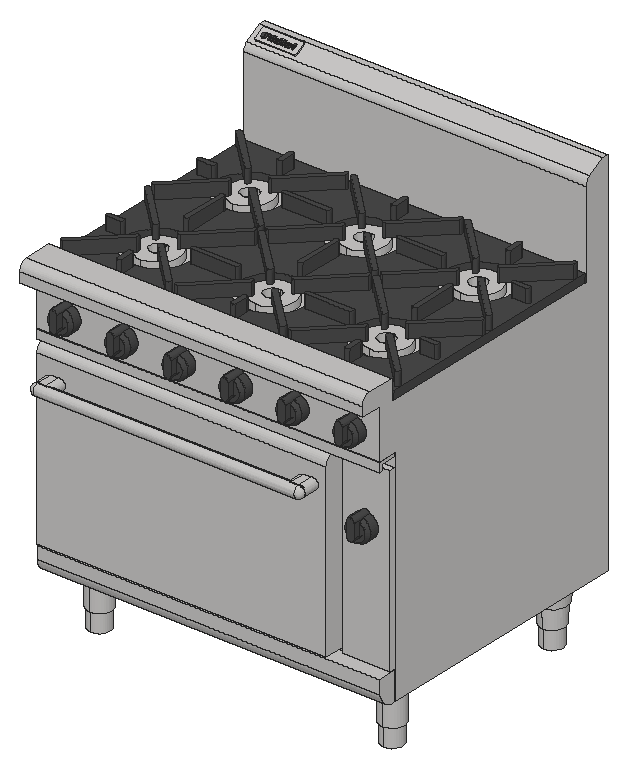
Revit family "QF_MOFFAT WALDORF_RN8610GC", category Specialty Equipment, Revit 2012 (continued)
Lines and regions (mm)
  symbolic lines
    curve 141: arc (150, -180.5, 0) -> (93, -237.5, 0) -> (150, -294.5, 0) r 57
    curve 142: arc (450, -294.5, 0) -> (507, -237.5, 0) -> (450, -180.5, 0) r 57
    curve 143: arc (450, -180.5, 0) -> (393, -237.5, 0) -> (450, -294.5, 0) r 57
    curve 144: arc (750, -294.5, 0) -> (807, -237.5, 0) -> (750, -180.5, 0) r 57
    curve 145: arc (750, -180.5, 0) -> (693, -237.5, 0) -> (750, -294.5, 0) r 57
    curve 146: arc (750, -594.5, 0) -> (807, -537.5, 0) -> (750, -480.5, 0) r 57
    curve 147: arc (750, -480.5, 0) -> (693, -537.5, 0) -> (750, -594.5, 0) r 57
    curve 148: arc (450, -594.5, 0) -> (507, -537.5, 0) -> (450, -480.5, 0) r 57
    curve 149: arc (450, -480.5, 0) -> (393, -537.5, 0) -> (450, -594.5, 0) r 57
    curve 150: arc (150, -594.5, 0) -> (207, -537.5, 0) -> (150, -480.5, 0) r 57
    curve 151: arc (150, -480.5, 0) -> (93, -537.5, 0) -> (150, -594.5, 0) r 57
    curve 152: line (17.22, -237.81, 0) -> (62.22, -237.81, 0)
    curve 153: line (17.22, -537.81, 0) -> (62.22, -537.81, 0)
    curve 154: line (882.78, -237.81, 0) -> (837.78, -237.81, 0)
    curve 155: line (882.78, -537.81, 0) -> (837.78, -537.81, 0)
    curve 159: line (150.008, -98.743, 0) -> (149.965, -143.743, 0)
    curve 160: line (450.008, -98.743, 0) -> (449.965, -143.743, 0)
    curve 161: line (750.008, -98.743, 0) -> (749.965, -143.743, 0)
    curve 162: line (150.008, -628.777, 0) -> (149.965, -673.777, 0)
    curve 163: line (450.008, -628.777, 0) -> (449.965, -673.777, 0)
    curve 164: line (750.008, -628.777, 0) -> (749.965, -673.777, 0)
    curve 165: line (149.551, -435.668, 0) -> (149.551, -350.668, 0)
    curve 166: line (449.551, -435.668, 0) -> (449.551, -350.668, 0)
    curve 167: line (749.551, -435.668, 0) -> (749.551, -350.668, 0)
    curve 168: arc (150, -152.5, 0) -> (235, -237.5, 0) -> (150, -322.5, 0) r 85
    curve 169: arc (150, -322.5, 0) -> (65, -237.5, 0) -> (150, -152.5, 0) r 85
    curve 170: arc (450, -322.5, 0) -> (365, -237.5, 0) -> (450, -152.5, 0) r 85
    curve 171: arc (450, -152.5, 0) -> (535, -237.5, 0) -> (450, -322.5, 0) r 85
    curve 172: arc (750, -322.5, 0) -> (665, -237.5, 0) -> (750, -152.5, 0) r 85
    curve 173: arc (750, -152.5, 0) -> (835, -237.5, 0) -> (750, -322.5, 0) r 85
    curve 174: arc (750, -622.768, 0) -> (665, -537.768, 0) -> (750, -452.768, 0) r 85
    curve 175: arc (750, -452.768, 0) -> (835, -537.768, 0) -> (750, -622.768, 0) r 85
    curve 176: arc (450, -452.768, 0) -> (535, -537.768, 0) -> (450, -622.768, 0) r 85
    curve 177: arc (450, -622.768, 0) -> (365, -537.768, 0) -> (450, -452.768, 0) r 85
    curve 178: arc (150, -452.768, 0) -> (235, -537.768, 0) -> (150, -622.768, 0) r 85
    curve 179: arc (150, -622.768, 0) -> (65, -537.768, 0) -> (150, -452.768, 0) r 85
    curve 180: line (0, -387.5, 0) -> (900, -387.5, 0)
    curve 181: line (600.533, -705.7, 0) -> (600.533, -72.734, 0)
    curve 182: line (300.792, -72.734, 0) -> (300.792, -705.7, 0)
    curve 183: arc (150, -215.5, 0) -> (172, -237.5, 0) -> (150, -259.5, 0) r 22
    curve 184: arc (150, -259.5, 0) -> (128, -237.5, 0) -> (150, -215.5, 0) r 22
    curve 185: arc (450, -259.5, 0) -> (428, -237.5, 0) -> (450, -215.5, 0) r 22
    curve 186: arc (450, -215.5, 0) -> (472, -237.5, 0) -> (450, -259.5, 0) r 22
    curve 187: arc (750, -259.5, 0) -> (728, -237.5, 0) -> (750, -215.5, 0) r 22
    curve 188: arc (750, -215.5, 0) -> (772, -237.5, 0) -> (750, -259.5, 0) r 22
    curve 189: arc (750, -515.5, 0) -> (772, -537.5, 0) -> (750, -559.5, 0) r 22
    curve 190: arc (750, -559.5, 0) -> (728, -537.5, 0) -> (750, -515.5, 0) r 22
    curve 191: arc (450, -515.5, 0) -> (472, -537.5, 0) -> (450, -559.5, 0) r 22
    curve 192: arc (450, -559.5, 0) -> (428, -537.5, 0) -> (450, -515.5, 0) r 22
    curve 193: arc (150, -515.5, 0) -> (172, -537.5, 0) -> (150, -559.5, 0) r 22
    curve 194: arc (150, -559.5, 0) -> (128, -537.5, 0) -> (150, -515.5, 0) r 22
  symbolic lines, style "QF_Door-Drawer Clearances", visible <- "Show Clearance"
    curve 156: line (0, -1218.847, 0) -> (0, -805, 0)
    curve 157: line (0, -1218.847, 0) -> (760, -1218.847, 0)
    curve 158: line (760, -1218.847, 0) -> (760, -805, 0)
Dimensions and locks
  equal spacing: plane 3 "LEFT", plane 7 "Center Y", plane 4 "RIGHT"
  "Width": plane 3 "LEFT" to plane 4 "RIGHT"
  equal spacing: plane 5 "FRONT", plane 8 "Center X", plane 1 "BACK"
  plane 5 "FRONT" to plane 1 "BACK" = 805 mm  (x2)
  equal spacing: plane 4 "RIGHT", plane 7 "Center Y", plane 3 "LEFT"
  plane 4 "RIGHT" to plane 3 "LEFT" = 900 mm
  "Height": plane 6 "TOP" to level
  plane 10 to plane 1 "BACK" = 574.272 mm
  plane 12 to plane 1 "BACK" = 304.972 mm  (x2)
  plane 11 to plane 3 "LEFT" = 60 mm
  plane 14 to plane 3 "LEFT" = 74 mm
  plane 9 to plane 3 "LEFT" = 280 mm
  "Depth": plane 1 "BACK" to plane 15
  plane 15 to plane 5 "FRONT" = 0 mm
  plane 6 "TOP" to plane 2 = 1130 mm
  locked: plane 2 to Extrusion 1 sketch curve at 861.8
  locked: plane 2 to Extrusion 1 sketch curve at 915
  Extrusion 9 sketch curve to plane 19 = 64.8 mm
  aligned and locked: level to plane 2
  aligned and locked: curve 3 to plane 4 "RIGHT"
Automatic sketch dimensions
  Extrusion 1 sketch curve to plane 5 "FRONT" = 0 mm
  Extrusion 1 sketch curve to plane 6 "TOP" = 0 mm
  Extrusion 1 sketch curve to plane 1 "BACK" = 0 mm
  Extrusion 1 sketch curve to plane 5 "FRONT" = 24 mm
  Extrusion 1 sketch curve to plane 5 "FRONT" = 56 mm
  Extrusion 1 sketch curve to Extrusion 1 sketch curve = 0 mm
  Extrusion 1 sketch curve to plane 5 "FRONT" = 58.27 mm
  Extrusion 1 sketch curve to Extrusion 1 sketch curve = 6.387 mm
  Extrusion 1 sketch curve to Extrusion 1 sketch curve = 8.776 mm
  Extrusion 1 sketch curve to Extrusion 1 sketch curve = 40 mm
  Extrusion 1 sketch curve to Extrusion 1 sketch curve = 43.174 mm
  Extrusion 1 sketch curve to Extrusion 1 sketch curve = 2.626 mm
  Extrusion 1 sketch curve to Extrusion 1 sketch curve = 41.683 mm
  Extrusion 1 sketch curve to Extrusion 1 sketch curve = 4.2 mm  (x2)
  Extrusion 1 sketch curve to plane 17 = 38 mm
  Extrusion 1 sketch curve to Extrusion 1 sketch curve = 11.291 mm
  Extrusion 1 sketch curve to plane 17 = 15.418 mm
  plane 17 to Extrusion 1 sketch curve = 15.5 mm
  plane 18 to Extrusion 1 sketch curve = 81.219 mm
  Extrusion 1 sketch curve to Extrusion 1 sketch curve = 2.216 mm
  Extrusion 1 sketch curve to Extrusion 1 sketch curve = 7.004 mm
  Extrusion 1 sketch curve to Extrusion 1 sketch curve = 16.999 mm
  level to Extrusion 1 sketch curve = 222.5 mm
  Extrusion 1 sketch curve to Extrusion 1 sketch curve = 28.982 mm
  Extrusion 1 sketch curve to Extrusion 1 sketch curve = 34.5 mm
  Extrusion 1 sketch curve to Extrusion 1 sketch curve = 0.071 mm
  Extrusion 1 sketch curve to plane 6 "TOP" = 43.926 mm
  Extrusion 1 to Split face 1 sketch curve = 1.962 mm
  Split face 1 sketch curve to Extrusion 1 = 14.14 mm
  Split face 1 sketch curve to Extrusion 1 = 129.583 mm
  Split face 1 sketch curve to Split face 1 sketch curve = 20 mm
  Extrusion 1 to Split face 2 sketch curve = 1.962 mm
  Split face 2 sketch curve to Extrusion 1 = 14.14 mm
  Split face 2 sketch curve to Extrusion 1 = 156.5 mm
  Split face 2 sketch curve to Split face 2 sketch curve = 20 mm
  Extrusion 1 to Split face 3 sketch curve = 1.962 mm
  Split face 3 sketch curve to Extrusion 1 = 14.14 mm
  Split face 3 sketch curve to Extrusion 1 = 183.5 mm
  Split face 3 sketch curve to Split face 3 sketch curve = 20 mm
  Extrusion 1 to Split face 4 sketch curve = 1.962 mm
  Split face 4 sketch curve to Extrusion 1 = 14.14 mm
  Split face 4 sketch curve to Extrusion 1 = 210.5 mm
  Split face 4 sketch curve to Split face 4 sketch curve = 20 mm
  Extrusion 1 to Split face 5 sketch curve = 1.962 mm
  Split face 5 sketch curve to Extrusion 1 = 14.14 mm
  Split face 5 sketch curve to Extrusion 1 = 237.5 mm
  Split face 5 sketch curve to Split face 5 sketch curve = 20 mm
  Extrusion 1 to Split face 6 sketch curve = 1.962 mm
  Split face 6 sketch curve to Extrusion 1 = 14.14 mm
  Split face 6 sketch curve to Extrusion 1 = 264.5 mm
  Split face 6 sketch curve to Split face 6 sketch curve = 20 mm
  Extrusion 1 to Split face 7 sketch curve = 1.962 mm
  Split face 7 sketch curve to Extrusion 1 = 14.14 mm
  Split face 7 sketch curve to Extrusion 1 = 291.5 mm
  Split face 7 sketch curve to Split face 7 sketch curve = 20 mm
  Extrusion 1 to Split face 8 sketch curve = 1.962 mm
  Split face 8 sketch curve to Extrusion 1 = 14.14 mm
  Split face 8 sketch curve to Extrusion 1 = 281.5 mm
  Split face 8 sketch curve to Split face 8 sketch curve = 20 mm
  Extrusion 1 to Split face 9 sketch curve = 1.962 mm
  Split face 9 sketch curve to Extrusion 1 = 14.14 mm
  Split face 9 sketch curve to Extrusion 1 = 254.5 mm
  Split face 9 sketch curve to Split face 9 sketch curve = 20 mm
  Extrusion 1 to Split face 10 sketch curve = 1.962 mm
  Split face 10 sketch curve to Extrusion 1 = 14.14 mm
  Split face 10 sketch curve to Extrusion 1 = 227.5 mm
  Split face 10 sketch curve to Split face 10 sketch curve = 20 mm
  Extrusion 1 to Split face 11 sketch curve = 1.962 mm
  Split face 11 sketch curve to Extrusion 1 = 14.14 mm
  Split face 11 sketch curve to Extrusion 1 = 200.5 mm
  Split face 11 sketch curve to Split face 11 sketch curve = 20 mm
  Extrusion 1 to Split face 12 sketch curve = 1.962 mm
  Split face 12 sketch curve to Extrusion 1 = 14.14 mm
  Split face 12 sketch curve to Extrusion 1 = 173.5 mm
  Split face 12 sketch curve to Split face 12 sketch curve = 20 mm
  Extrusion 1 to Split face 13 sketch curve = 1.962 mm
  Split face 13 sketch curve to Extrusion 1 = 14.14 mm
  Split face 13 sketch curve to Extrusion 1 = 146.5 mm
  Split face 13 sketch curve to Split face 13 sketch curve = 20 mm
  plane 18 to Extrusion 2 sketch curve = 21 mm
  Extrusion 2 sketch curve to plane 5 "FRONT" = 56 mm
  Extrusion 2 sketch curve to Extrusion 2 sketch curve = 24 mm
  Extrusion 2 sketch curve to Extrusion 2 sketch curve = 50 mm
  level to Extrusion 2 sketch curve = 227.5 mm
  Extrusion 3 sketch curve to Extrusion 3 sketch curve = 15 mm
  level to Extrusion 3 sketch curve = 227.5 mm
  Extrusion 1 to Split face 14 sketch curve = 1.962 mm
  Split face 14 sketch curve to Extrusion 1 = 14.14 mm
  Split face 14 sketch curve to Extrusion 1 = 320.812 mm
  Split face 14 sketch curve to Split face 14 sketch curve = 20 mm
  Extrusion 1 to Split face 15 sketch curve = 1.962 mm
  Split face 15 sketch curve to Extrusion 1 = 14.14 mm
  Split face 15 sketch curve to Extrusion 1 = 350.039 mm
  Split face 15 sketch curve to Split face 15 sketch curve = 20 mm
  Extrusion 1 to Split face 16 sketch curve = 1.962 mm
  Split face 16 sketch curve to Extrusion 1 = 14.14 mm
  Split face 16 sketch curve to Extrusion 1 = 377.038 mm
  Split face 16 sketch curve to Split face 16 sketch curve = 20 mm
  Extrusion 1 to Split face 17 sketch curve = 1.962 mm
  Split face 17 sketch curve to Extrusion 1 = 14.14 mm
  Split face 17 sketch curve to Extrusion 1 = 402.514 mm
  Split face 17 sketch curve to Split face 17 sketch curve = 20 mm
  Extrusion 1 to Split face 18 sketch curve = 1.962 mm
  Split face 18 sketch curve to Extrusion 1 = 14.14 mm
  Split face 18 sketch curve to Extrusion 1 = 428.962 mm
  Split face 18 sketch curve to Split face 18 sketch curve = 20 mm
  Extrusion 1 to Split face 19 sketch curve = 1.962 mm
  Split face 19 sketch curve to Extrusion 1 = 14.14 mm
  Split face 19 sketch curve to Extrusion 1 = 444.954 mm
  Split face 19 sketch curve to Split face 19 sketch curve = 20 mm
  Extrusion 1 to Split face 20 sketch curve = 1.962 mm
  Split face 20 sketch curve to Extrusion 1 = 14.14 mm
  Split face 20 sketch curve to Extrusion 1 = 419.057 mm
  Split face 20 sketch curve to Split face 20 sketch curve = 20 mm
  Extrusion 1 to Split face 21 sketch curve = 1.962 mm
  Split face 21 sketch curve to Extrusion 1 = 14.14 mm
  Split face 21 sketch curve to Extrusion 1 = 392.609 mm
  Split face 21 sketch curve to Split face 21 sketch curve = 20 mm
  Extrusion 1 to Split face 22 sketch curve = 1.962 mm
  Split face 22 sketch curve to Extrusion 1 = 14.14 mm
  Split face 22 sketch curve to Extrusion 1 = 362.304 mm
  Split face 22 sketch curve to Split face 22 sketch curve = 20 mm
  Extrusion 1 to Split face 23 sketch curve = 1.962 mm
  Split face 23 sketch curve to Extrusion 1 = 14.14 mm
  Split face 23 sketch curve to Extrusion 1 = 334.203 mm
  Split face 23 sketch curve to Split face 23 sketch curve = 20 mm
  Extrusion 1 to Split face 24 sketch curve = 1.962 mm
  Split face 24 sketch curve to Extrusion 1 = 14.14 mm
  Split face 24 sketch curve to Extrusion 1 = 308.857 mm
  Split face 24 sketch curve to Split face 24 sketch curve = 20 mm
  Revolve 4 sketch curve to level = 0 mm
  Revolve 4 sketch curve to plane 17 = 110.753 mm
  Revolve 4 sketch curve to Revolve 4 sketch curve = 4.159 mm
  Revolve 4 sketch curve to Revolve 4 sketch curve = 5.012 mm
  Revolve 4 sketch curve to Revolve 4 sketch curve = 1.832 mm
  Revolve 4 sketch curve to Revolve 4 sketch curve = 4.25 mm
  Revolve 4 sketch curve to Revolve 4 sketch curve = 42.753 mm
  Revolve 4 sketch curve to Revolve 4 sketch curve = 0 mm  (x2)
  level to Revolve 4 sketch curve = 50 mm
  Revolve 4 sketch curve to Revolve 4 sketch curve = 52.468 mm
  Revolve 4 sketch curve to Revolve 4 sketch curve = 47.532 mm
  Revolve 4 sketch curve to Revolve 4 sketch curve = 55 mm
  Revolve 5 sketch curve to level = 0 mm
  Revolve 5 sketch curve to plane 10 = 82.478 mm
  Revolve 5 sketch curve to Revolve 5 sketch curve = 4.25 mm
  Revolve 5 sketch curve to Revolve 5 sketch curve = 27.5 mm  (x2)
  level to Revolve 5 sketch curve = 50 mm
  Revolve 5 sketch curve to Revolve 5 sketch curve = 0 mm
  Revolve 5 sketch curve to Revolve 5 sketch curve = 100 mm
  Revolve 5 sketch curve to Revolve 5 sketch curve = 55 mm
  Revolve 6 sketch curve to level = 0 mm
  Revolve 6 sketch curve to plane 17 = 110.753 mm
  Revolve 6 sketch curve to Revolve 6 sketch curve = 0 mm  (x3)
  Revolve 6 sketch curve to Revolve 6 sketch curve = 4.159 mm
  Revolve 6 sketch curve to Revolve 6 sketch curve = 5.012 mm
  Revolve 6 sketch curve to Revolve 6 sketch curve = 1.832 mm
  Revolve 6 sketch curve to Revolve 6 sketch curve = 4.25 mm
  Revolve 6 sketch curve to Revolve 6 sketch curve = 42.753 mm
  Revolve 6 sketch curve to level = 55 mm
  Revolve 6 sketch curve to Revolve 6 sketch curve = 50 mm
  Revolve 6 sketch curve to Revolve 6 sketch curve = 52.468 mm
  Revolve 6 sketch curve to Revolve 6 sketch curve = 47.532 mm
  Revolve 7 sketch curve to level = 0 mm
  Revolve 7 sketch curve to plane 10 = 82.478 mm
  Revolve 7 sketch curve to Revolve 7 sketch curve = 4.25 mm
  Revolve 7 sketch curve to Revolve 7 sketch curve = 27.5 mm  (x2)
  Revolve 7 sketch curve to level = 55 mm
  Revolve 7 sketch curve to Revolve 7 sketch curve = 50 mm
  Revolve 7 sketch curve to Revolve 7 sketch curve = 0 mm
  Revolve 7 sketch curve to Revolve 7 sketch curve = 100 mm
  plane 17 to Extrusion 8 sketch curve = 0 mm
  Extrusion 8 sketch curve to plane 16 = 64.5 mm
  Extrusion 9 sketch curve to plane 4 "RIGHT" = 0 mm
  Extrusion 9 sketch curve to plane 7 "Center Y" = 0 mm  (x2)
  plane 3 "LEFT" to Extrusion 9 sketch curve = 4 mm
  Extrusion 9 sketch curve to plane 17 = 39 mm
  Extrusion 9 sketch curve to Extrusion 9 sketch curve = 3 mm  (x2)
  plane 12 to Extrusion 9 sketch curve = 67.472 mm  (x3)
  Extrusion 9 sketch curve to plane 5 "FRONT" = 104 mm  (x2)
  plane 14 to Extrusion 9 sketch curve = 76 mm  (x2)
  Extrusion 10 sketch curve to Extrusion 1 = 73.5 mm
  Extrusion 10 sketch curve to Extrusion 1 = 196.458 mm
  Revolve 11 sketch curve to plane 5 "FRONT" = 12 mm
  Revolve 11 sketch curve to Revolve 11 sketch curve = 0 mm  (x2)
  Revolve 11 sketch curve to Revolve 11 sketch curve = 11 mm
  Revolve 11 sketch curve to Revolve 11 sketch curve = 12.7 mm
  Revolve 11 sketch curve to Revolve 11 sketch curve = 23 mm
  Revolve 11 sketch curve to Revolve 11 sketch curve = 10 mm
  plane 18 to Revolve 11 sketch curve = 141.882 mm
  Revolve 11 sketch curve to Revolve 11 sketch curve = 5 mm
  Revolve 11 sketch curve to Revolve 11 sketch curve = 26.651 mm
  Revolve 11 sketch curve to Revolve 11 sketch curve = 5.849 mm
  Revolve 12 sketch curve to plane 5 "FRONT" = 12 mm
  Revolve 12 sketch curve to Revolve 12 sketch curve = 0 mm  (x2)
  Revolve 12 sketch curve to Revolve 12 sketch curve = 11 mm
  Revolve 12 sketch curve to Revolve 12 sketch curve = 12.7 mm
  Revolve 12 sketch curve to Revolve 12 sketch curve = 23 mm
  Revolve 12 sketch curve to Revolve 12 sketch curve = 10 mm
  plane 18 to Revolve 12 sketch curve = 141.882 mm
  Revolve 12 sketch curve to Revolve 12 sketch curve = 5 mm
  Revolve 12 sketch curve to Revolve 12 sketch curve = 26.651 mm
  Revolve 12 sketch curve to Revolve 12 sketch curve = 5.849 mm
  Revolve 13 sketch curve to plane 5 "FRONT" = 12 mm
  Revolve 13 sketch curve to Revolve 13 sketch curve = 0 mm  (x2)
  Revolve 13 sketch curve to Revolve 13 sketch curve = 11 mm
  Revolve 13 sketch curve to Revolve 13 sketch curve = 12.7 mm
  Revolve 13 sketch curve to Revolve 13 sketch curve = 23 mm
  Revolve 13 sketch curve to Revolve 13 sketch curve = 10 mm
  plane 18 to Revolve 13 sketch curve = 174.382 mm
  Revolve 13 sketch curve to Revolve 13 sketch curve = 5.849 mm
  Revolve 13 sketch curve to Revolve 13 sketch curve = 27.5 mm
  Revolve 13 sketch curve to Revolve 13 sketch curve = 5 mm
  Revolve 14 sketch curve to plane 5 "FRONT" = 12 mm
  Revolve 14 sketch curve to Revolve 14 sketch curve = 0 mm  (x2)
  Revolve 14 sketch curve to Revolve 14 sketch curve = 11 mm
  Revolve 14 sketch curve to Revolve 14 sketch curve = 12.7 mm
  Revolve 14 sketch curve to Revolve 14 sketch curve = 23 mm
  Revolve 14 sketch curve to Revolve 14 sketch curve = 10 mm
  plane 18 to Revolve 14 sketch curve = 174.382 mm
  Revolve 14 sketch curve to Revolve 14 sketch curve = 5.849 mm
  Revolve 14 sketch curve to Revolve 14 sketch curve = 27.5 mm
  Revolve 14 sketch curve to Revolve 14 sketch curve = 5 mm
  Revolve 15 sketch curve to plane 5 "FRONT" = 12 mm
  Revolve 15 sketch curve to Revolve 15 sketch curve = 0 mm  (x2)
  Revolve 15 sketch curve to Revolve 15 sketch curve = 11 mm
  Revolve 15 sketch curve to Revolve 15 sketch curve = 12.7 mm
  Revolve 15 sketch curve to Revolve 15 sketch curve = 23 mm
  Revolve 15 sketch curve to Revolve 15 sketch curve = 10 mm
  plane 18 to Revolve 15 sketch curve = 174.382 mm
  Revolve 15 sketch curve to Revolve 15 sketch curve = 5.849 mm
  Revolve 15 sketch curve to Revolve 15 sketch curve = 27.5 mm
  Revolve 15 sketch curve to Revolve 15 sketch curve = 5 mm
  Revolve 16 sketch curve to plane 5 "FRONT" = 12 mm
  Revolve 16 sketch curve to Revolve 16 sketch curve = 0 mm  (x2)
  Revolve 16 sketch curve to Revolve 16 sketch curve = 11 mm
  Revolve 16 sketch curve to Revolve 16 sketch curve = 12.7 mm
  Revolve 16 sketch curve to Revolve 16 sketch curve = 23 mm
  Revolve 16 sketch curve to Revolve 16 sketch curve = 10 mm
  plane 18 to Revolve 16 sketch curve = 174.382 mm
  Revolve 16 sketch curve to Revolve 16 sketch curve = 5.849 mm
  Revolve 16 sketch curve to Revolve 16 sketch curve = 27.5 mm
  Revolve 16 sketch curve to Revolve 16 sketch curve = 5 mm
  Extrusion 17 sketch curve to plane 16 = 4.656 mm
  plane 16 to Extrusion 17 sketch curve = 5.344 mm
  plane 18 to Extrusion 17 sketch curve = 133.882 mm
  Extrusion 17 sketch curve to Extrusion 17 sketch curve = 35 mm
  Extrusion 18 sketch curve to plane 16 = 154.656 mm
  Extrusion 18 sketch curve to Extrusion 18 sketch curve = 10 mm
  plane 18 to Extrusion 18 sketch curve = 133.882 mm
  Extrusion 18 sketch curve to Extrusion 18 sketch curve = 35 mm
  plane 14 to Extrusion 19 sketch curve = 26.156 mm
  plane 14 to Extrusion 19 sketch curve = 16.156 mm
  plane 18 to Extrusion 19 sketch curve = 168.882 mm
  Extrusion 19 sketch curve to Extrusion 19 sketch curve = 35 mm
  Extrusion 20 sketch curve to plane 9 = 29.844 mm
  Extrusion 20 sketch curve to Extrusion 20 sketch curve = 10 mm
  plane 18 to Extrusion 20 sketch curve = 168.882 mm
  Extrusion 20 sketch curve to Extrusion 20 sketch curve = 35 mm
  Extrusion 21 sketch curve to plane 7 "Center Y" = 49.868 mm
  Extrusion 21 sketch curve to Extrusion 21 sketch curve = 10 mm
  plane 18 to Extrusion 21 sketch curve = 168.882 mm
  Extrusion 21 sketch curve to Extrusion 21 sketch curve = 35 mm
  plane 7 "Center Y" to Extrusion 22 sketch curve = 100.132 mm
  Extrusion 22 sketch curve to Extrusion 22 sketch curve = 10 mm
  plane 18 to Extrusion 22 sketch curve = 168.882 mm
  Extrusion 22 sketch curve to Extrusion 22 sketch curve = 35 mm
  Revolve 23 sketch curve to plane 5 "FRONT" = 54.5 mm
  Revolve 23 sketch curve to Revolve 23 sketch curve = 0 mm  (x2)
  Revolve 23 sketch curve to Revolve 23 sketch curve = 11 mm
  Revolve 23 sketch curve to Revolve 23 sketch curve = 12.7 mm
  Revolve 23 sketch curve to Revolve 23 sketch curve = 23 mm
  Revolve 23 sketch curve to Revolve 23 sketch curve = 10 mm
  Revolve 23 sketch curve to plane 18 = 103.75 mm
  Revolve 23 sketch curve to Revolve 23 sketch curve = 5 mm
  Revolve 23 sketch curve to plane 18 = 77.099 mm
  Revolve 23 sketch curve to Revolve 23 sketch curve = 5.849 mm
  Extrusion 24 sketch curve to plane 16 = 7.156 mm
  plane 16 to Extrusion 24 sketch curve = 2.844 mm
  Extrusion 24 sketch curve to plane 18 = 111.75 mm
  Extrusion 24 sketch curve to plane 18 = 76.75 mm
  Extrusion 25 sketch curve to plane 5 "FRONT" = 56 mm
  level to Extrusion 25 sketch curve = 227.5 mm
  plane 5 "FRONT" to Extrusion 25 sketch curve = 413.847 mm
  Extrusion 26 sketch curve to plane 7 "Center Y" = 0 mm
  Extrusion 26 sketch curve to plane 17 = 61.602 mm  (x4)
  plane 4 "RIGHT" to Extrusion 26 sketch curve = 15.153 mm  (x2)
  plane 9 to Extrusion 26 sketch curve = 4.847 mm  (x3)
  Extrusion 26 sketch curve to Extrusion 26 sketch curve = 0 mm  (x14)
  plane 3 "LEFT" to Extrusion 26 sketch curve = 15.153 mm
  Extrusion 26 sketch curve to Extrusion 26 sketch curve = 4.525 mm  (x36)
  Extrusion 26 sketch curve to plane 7 "Center Y" = 6.435 mm  (x2)
  Extrusion 26 sketch curve to plane 17 = 70.539 mm  (x3)
  Extrusion 26 sketch curve to Extrusion 26 sketch curve = 36.204 mm  (x6)
  Extrusion 26 sketch curve to plane 7 "Center Y" = 0.035 mm
  plane 7 "Center Y" to Extrusion 26 sketch curve = 26.924 mm  (x4)
  Extrusion 26 sketch curve to Extrusion 26 sketch curve = 62.782 mm  (x3)
  Extrusion 26 sketch curve to plane 7 "Center Y" = 26.924 mm  (x2)
  plane 14 to Extrusion 26 sketch curve = 49.076 mm
  Extrusion 26 sketch curve to Extrusion 26 sketch curve = 20.524 mm  (x5)
  plane 3 "LEFT" to Extrusion 26 sketch curve = 19.118 mm  (x2)
  plane 12 to Extrusion 26 sketch curve = 73.872 mm
  plane 16 to Extrusion 26 sketch curve = 10.178 mm  (x2)
  Extrusion 26 sketch curve to Extrusion 26 sketch curve = 6.4 mm  (x14)
  plane 12 to Extrusion 26 sketch curve = 40.548 mm  (x6)
  Extrusion 26 sketch curve to plane 12 = 24.426 mm  (x3)
  Extrusion 26 sketch curve to plane 13 = 7.374 mm  (x6)
  plane 8 "Center X" to Extrusion 26 sketch curve = 8.898 mm  (x6)
  plane 8 "Center X" to Extrusion 26 sketch curve = 4.372 mm  (x6)
  Extrusion 26 sketch curve to plane 7 "Center Y" = 6.4 mm
  Extrusion 26 sketch curve to plane 8 "Center X" = 43.102 mm  (x3)
  Extrusion 26 sketch curve to Extrusion 26 sketch curve = 55.923 mm  (x9)
  plane 10 to Extrusion 26 sketch curve = 43.172 mm  (x4)
  plane 10 to Extrusion 26 sketch curve = 9.848 mm  (x6)
  plane 10 to Extrusion 26 sketch curve = 5.323 mm  (x6)
  Extrusion 26 sketch curve to plane 10 = 55.767 mm  (x3)
  plane 7 "Center Y" to Extrusion 26 sketch curve = 6.365 mm
  Extrusion 26 sketch curve to plane 10 = 98.074 mm  (x4)
  plane 9 to Extrusion 26 sketch curve = 13.898 mm
  plane 3 "LEFT" to Extrusion 26 sketch curve = 6.102 mm  (x3)
  plane 4 "RIGHT" to Extrusion 26 sketch curve = 6.102 mm
  Extrusion 26 sketch curve to plane 11 = 4.678 mm  (x2)
  plane 14 to Extrusion 26 sketch curve = 40.025 mm  (x3)
  Extrusion 26 sketch curve to Extrusion 26 sketch curve = 20.489 mm  (x4)
  Extrusion 26 sketch curve to Extrusion 26 sketch curve = 53.847 mm  (x8)
  Extrusion 26 sketch curve to plane 9 = 38.102 mm  (x2)
  Extrusion 26 sketch curve to Extrusion 26 sketch curve = 12.205 mm  (x8)
  Extrusion 26 sketch curve to plane 7 "Center Y" = 35.975 mm  (x2)
  Extrusion 26 sketch curve to Extrusion 26 sketch curve = 128.481 mm  (x2)
  plane 7 "Center Y" to Extrusion 26 sketch curve = 134.847 mm
  Extrusion 26 sketch curve to Extrusion 26 sketch curve = 116.204 mm  (x2)
  plane 4 "RIGHT" to Extrusion 26 sketch curve = 19.118 mm  (x2)
  curve 140 to curve 168 = 0 mm  (x2)
  curve 142 to curve 170 = 0 mm
  curve 143 to curve 171 = 0 mm
  curve 144 to curve 172 = 0 mm
  curve 145 to curve 173 = 0 mm
  plane 1 "BACK" to curve 1 = 0 mm
  curve 1 to plane 3 "LEFT" = 0 mm
  plane 5 "FRONT" to curve 109 = 0 mm
  curve 149 to plane 7 "Center Y" = 0 mm
  curve 143 to plane 7 "Center Y" = 0 mm
  curve 177 to plane 7 "Center Y" = 0 mm
  plane 3 "LEFT" to curve 119 = 6.08 mm
  plane 3 "LEFT" to curve 129 = 6.08 mm
  plane 3 "LEFT" to curve 135 = 6.08 mm
  plane 3 "LEFT" to curve 113 = 6.08 mm
  plane 3 "LEFT" to curve 6 = 12.5 mm
  plane 3 "LEFT" to curve 152 = 17.22 mm
  plane 3 "LEFT" to curve 153 = 17.22 mm
  plane 3 "LEFT" to curve 109 = 22.65 mm
  curve 110 to plane 11 = 11.111 mm
  curve 109 to plane 11 = 9.192 mm
  plane 11 to curve 153 = 2.22 mm
  plane 11 to curve 152 = 2.22 mm
  plane 17 to curve 6 = 11.042 mm
  plane 14 to curve 6 = 47.5 mm
  plane 14 to curve 113 = 47.515 mm
  plane 14 to curve 129 = 47.515 mm
  plane 10 to curve 135 = 8.826 mm
  plane 14 to curve 135 = 47.515 mm
  plane 14 to curve 119 = 47.515 mm
  curve 7 to curve 10 = 8.083 mm
  curve 165 to plane 8 "Center X" = 33.168 mm
  plane 14 to curve 165 = 75.551 mm
  plane 17 to curve 12 = 9.738 mm
  curve 9 to curve 12 = 20 mm
  plane 14 to curve 162 = 75.965 mm
  curve 113 to curve 159 = 28.45 mm
  curve 129 to curve 179 = 28.485 mm
  curve 150 to curve 178 = 0 mm
  plane 12 to curve 141 = 10.472 mm
  curve 119 to curve 141 = 28.485 mm
  curve 159 to curve 159 = 0.042 mm
  curve 178 to curve 162 = 0.008 mm
  curve 10 to curve 14 = 6.917 mm
  plane 17 to curve 15 = 9.738 mm
  curve 13 to curve 15 = 20 mm
  plane 10 to curve 136 = 8.826 mm
  curve 179 to curve 136 = 28.485 mm
  curve 150 to curve 130 = 28.485 mm
  curve 141 to curve 114 = 28.485 mm
  plane 12 to curve 120 = 39.794 mm
  curve 140 to curve 120 = 28.485 mm
  curve 15 to curve 17 = 7 mm
  plane 17 to curve 19 = 9.738 mm
  curve 17 to curve 19 = 20 mm
  curve 19 to curve 24 = 7 mm
  curve 21 to curve 22 = 20 mm
  curve 23 to curve 26 = 7 mm
  curve 126 to plane 9 = 42.22 mm
  curve 124 to plane 9 = 42.22 mm
  curve 26 to curve 28 = 20 mm
  curve 27 to curve 30 = 6.917 mm
  plane 9 to curve 32 = 4.417 mm
  curve 32 to curve 34 = 7 mm
  plane 9 to curve 130 = 13.92 mm
  plane 9 to curve 120 = 13.92 mm
  plane 9 to curve 114 = 13.92 mm
  plane 9 to curve 136 = 13.92 mm
  plane 9 to curve 182 = 20.792 mm
  plane 8 "Center X" to curve 133 = 7.845 mm
  curve 130 to curve 133 = 12.16 mm
  curve 114 to curve 117 = 12.16 mm
  curve 136 to curve 139 = 12.16 mm
  curve 120 to curve 123 = 12.16 mm
  plane 17 to curve 36 = 9.738 mm
  curve 34 to curve 36 = 20 mm
  curve 36 to curve 38 = 7 mm
  plane 17 to curve 41 = 9.738 mm
  curve 38 to curve 41 = 20 mm
  curve 39 to curve 43 = 11.622 mm
  plane 9 to curve 124 = 82.78 mm
  plane 10 to curve 126 = 36.462 mm
  plane 9 to curve 126 = 82.78 mm
  plane 17 to curve 44 = 9.738 mm
  curve 42 to curve 44 = 20 mm
  curve 44 to curve 46 = 6.917 mm
  plane 17 to curve 48 = 9.738 mm
  curve 46 to curve 48 = 20 mm
  curve 48 to curve 53 = 7 mm
  plane 10 to curve 139 = 9.362 mm
  curve 139 to plane 7 "Center Y" = 28.485 mm
  curve 123 to plane 7 "Center Y" = 28.485 mm
  curve 133 to plane 7 "Center Y" = 28.485 mm
  curve 117 to plane 7 "Center Y" = 28.485 mm
  curve 50 to curve 52 = 20 mm
  curve 52 to curve 54 = 7 mm
  curve 166 to plane 7 "Center Y" = 0.449 mm
  curve 163 to plane 7 "Center Y" = 0.035 mm
  curve 160 to plane 7 "Center Y" = 0.035 mm
  plane 7 "Center Y" to curve 163 = 0.008 mm
  plane 7 "Center Y" to curve 160 = 0.008 mm
  plane 7 "Center Y" to curve 55 = 0.956 mm
  curve 55 to curve 59 = 7 mm
  curve 58 to curve 60 = 20 mm
  plane 7 "Center Y" to curve 132 = 28.485 mm
  plane 10 to curve 138 = 9.362 mm
  plane 7 "Center Y" to curve 138 = 28.485 mm
  plane 7 "Center Y" to curve 116 = 28.485 mm
  plane 7 "Center Y" to curve 122 = 28.485 mm
  curve 59 to curve 63 = 6.917 mm
  curve 62 to curve 64 = 20 mm
  curve 63 to curve 66 = 7 mm
  curve 66 to curve 67 = 20 mm
  curve 138 to curve 127 = 58.735 mm
  curve 122 to curve 125 = 58.735 mm
  curve 67 to curve 70 = 7 mm
  plane 17 to curve 72 = 9.738 mm
  curve 70 to curve 72 = 20 mm
  curve 71 to curve 75 = 6.924 mm
  curve 74 to curve 75 = 20 mm
  curve 76 to curve 81 = 6.917 mm
  plane 8 "Center X" to curve 132 = 7.845 mm
  plane 7 "Center Y" to curve 132 = 143.92 mm
  plane 7 "Center Y" to curve 138 = 143.92 mm
  curve 122 to plane 13 = 15.641 mm
  curve 122 to curve 132 = 0 mm
  curve 116 to plane 17 = 62.387 mm
  curve 78 to curve 116 = 1.206 mm
  curve 116 to curve 181 = 6.613 mm
  plane 8 "Center X" to curve 131 = 7.845 mm
  curve 132 to curve 131 = 12.16 mm
  curve 138 to curve 137 = 12.16 mm
  curve 121 to plane 13 = 15.641 mm
  curve 122 to curve 121 = 12.16 mm
  curve 116 to curve 115 = 12.16 mm
  plane 17 to curve 80 = 9.738 mm
  curve 78 to curve 80 = 20 mm
  curve 80 to curve 82 = 7 mm
  plane 17 to curve 85 = 9.738 mm
  curve 82 to curve 85 = 20 mm
  curve 83 to curve 87 = 7 mm
  curve 125 to curve 125 = 125 mm
  plane 10 to curve 127 = 36.462 mm
  curve 127 to curve 127 = 125 mm
  plane 17 to curve 88 = 9.738 mm
  curve 86 to curve 88 = 20 mm
  curve 88 to curve 90 = 7 mm
  plane 17 to curve 92 = 9.738 mm
  curve 90 to curve 92 = 20 mm
  curve 92 to curve 94 = 6.917 mm
  plane 17 to curve 97 = 9.738 mm
  curve 94 to curve 97 = 20 mm
  plane 10 to curve 137 = 8.826 mm
  curve 127 to curve 137 = 59.295 mm
  curve 125 to curve 115 = 59.295 mm
  plane 12 to curve 121 = 39.794 mm
  curve 121 to curve 115 = 0 mm
  curve 131 to curve 137 = 0 mm
  plane 5 "FRONT" to curve 111 = 14.544 mm
  curve 111 to plane 16 = 112.642 mm
  curve 96 to curve 101 = 7 mm
  curve 111 to curve 111 = 25.191 mm
  plane 17 to curve 101 = 9.738 mm
  curve 98 to curve 101 = 20 mm
  plane 13 to curve 167 = 14.305 mm
  curve 167 to plane 16 = 84.949 mm
  curve 115 to curve 161 = 28.45 mm
  curve 164 to plane 16 = 84.535 mm
  curve 131 to curve 146 = 28.485 mm
  curve 174 to curve 146 = 0 mm
  plane 12 to curve 145 = 10.472 mm
  curve 121 to curve 145 = 28.485 mm
  curve 161 to curve 161 = 0.042 mm
  curve 174 to curve 164 = 0.008 mm
  curve 100 to curve 105 = 7 mm
  curve 157 to plane 16 = 74.5 mm
  plane 17 to curve 104 = 9.738 mm
  curve 102 to curve 104 = 20 mm
  curve 146 to curve 128 = 28.485 mm
  curve 173 to curve 112 = 28.485 mm
  plane 10 to curve 134 = 8.826 mm
  curve 174 to curve 134 = 28.485 mm
  curve 144 to curve 118 = 28.485 mm
  plane 16 to curve 154 = 3.28 mm
  plane 16 to curve 155 = 3.28 mm
  plane 4 "RIGHT" to curve 154 = 17.22 mm
  plane 4 "RIGHT" to curve 155 = 17.22 mm
  plane 4 "RIGHT" to curve 128 = 6.08 mm
  plane 4 "RIGHT" to curve 134 = 6.08 mm
  plane 4 "RIGHT" to curve 118 = 6.08 mm
  plane 4 "RIGHT" to curve 112 = 6.08 mm
  curve 157 to curve 110 = 399.303 mm
  curve 109 to curve 106 = 76.143 mm
  curve 181 to plane 5 "FRONT" = 99.3 mm
  curve 107 to curve 134 = 24.819 mm
  curve 107 to curve 135 = 24.819 mm
  curve 181 to curve 137 = 24.819 mm
  curve 182 to curve 136 = 24.819 mm
  curve 136 to curve 139 = 0.536 mm
  curve 137 to curve 138 = 0.536 mm
  curve 162 to plane 10 = 99.505 mm
  curve 164 to plane 10 = 99.505 mm
  curve 163 to plane 10 = 99.505 mm
  curve 162 to curve 162 = 45 mm
  curve 164 to curve 164 = 45 mm
  curve 163 to curve 163 = 45 mm
  curve 163 to curve 176 = 6.009 mm
  curve 162 to curve 178 = 6.009 mm
  curve 164 to curve 175 = 6.009 mm
  curve 150 to plane 10 = 20.228 mm
  curve 149 to plane 10 = 20.228 mm
  curve 147 to plane 10 = 20.228 mm
  plane 10 to curve 153 = 36.462 mm
  plane 10 to curve 155 = 36.462 mm
  plane 10 to curve 176 = 36.504 mm
  plane 10 to curve 179 = 36.504 mm
  plane 10 to curve 174 = 36.504 mm
  curve 176 to curve 148 = 0.268 mm
  curve 174 to curve 146 = 0.268 mm
  curve 178 to curve 151 = 0.268 mm
  curve 148 to curve 132 = 27.411 mm
  curve 146 to curve 131 = 27.411 mm
  curve 146 to curve 128 = 27.411 mm
  curve 148 to curve 133 = 27.411 mm
  curve 150 to curve 130 = 27.411 mm
  curve 150 to curve 129 = 27.411 mm
  curve 174 to curve 167 = 17.1 mm
  curve 177 to curve 166 = 17.1 mm
  plane 8 "Center X" to curve 130 = 7.845 mm
  plane 8 "Center X" to curve 129 = 7.845 mm
  plane 8 "Center X" to curve 128 = 7.845 mm
  curve 129 to curve 180 = 7.155 mm
  curve 133 to curve 123 = 14.041 mm
  curve 180 to curve 119 = 6.887 mm
  curve 120 to curve 123 = 0 mm
  curve 180 to curve 118 = 6.887 mm
  plane 13 to curve 165 = 14.305 mm
  plane 13 to curve 166 = 14.305 mm
  curve 172 to plane 12 = 17.528 mm
  curve 170 to plane 12 = 17.528 mm
  curve 169 to plane 12 = 17.528 mm
  plane 12 to curve 143 = 10.472 mm
  plane 12 to curve 122 = 39.794 mm
  plane 12 to curve 118 = 39.794 mm
  plane 12 to curve 119 = 39.794 mm
  plane 12 to curve 123 = 39.794 mm
  curve 123 to curve 124 = 27.368 mm
  curve 121 to curve 125 = 27.368 mm
  curve 118 to curve 154 = 27.368 mm
  plane 12 to curve 152 = 67.162 mm
  curve 119 to curve 140 = 27.678 mm
  curve 121 to curve 145 = 27.678 mm
  curve 123 to curve 143 = 27.678 mm
  curve 173 to curve 112 = 27.678 mm
  curve 141 to curve 113 = 27.678 mm
  curve 171 to curve 117 = 27.678 mm
  curve 171 to curve 116 = 27.678 mm
  curve 173 to curve 115 = 27.678 mm
  curve 141 to curve 114 = 27.678 mm
  curve 173 to curve 161 = 8.757 mm
  curve 169 to curve 159 = 8.757 mm
  curve 171 to curve 160 = 8.757 mm
  curve 161 to curve 161 = 45 mm
  curve 160 to curve 160 = 45 mm
  curve 159 to curve 159 = 45 mm
  curve 113 to plane 17 = 62.387 mm
  curve 114 to plane 17 = 62.387 mm
  curve 114 to curve 117 = 0 mm
  curve 112 to plane 17 = 62.387 mm
  curve 115 to curve 181 = 21.653 mm
  curve 117 to curve 182 = 21.653 mm
  curve 108 to curve 4 = 2.734 mm
  curve 5 to plane 17 = 19.234 mm
  curve 96 to plane 17 = 18.526 mm
  curve 54 to plane 17 = 18.526 mm
  curve 80 to plane 17 = 18.526 mm
  curve 95 to curve 98 = 0 mm
  curve 40 to plane 17 = 18.526 mm
  curve 99 to curve 102 = 0 mm
  curve 92 to curve 94 = 0 mm
  curve 76 to curve 78 = 0 mm
  curve 44 to plane 17 = 18.526 mm
  curve 36 to curve 38 = 0 mm
  curve 52 to curve 54 = 0 mm
  curve 43 to curve 46 = 0 mm
  curve 88 to curve 90 = 0 mm
  curve 55 to curve 58 = 0 mm
  curve 71 to curve 74 = 0 mm
  curve 32 to curve 34 = 0 mm
  curve 68 to curve 70 = 0 mm
  curve 84 to curve 86 = 0 mm
  curve 28 to curve 30 = 0 mm
  curve 23 to curve 26 = 0 mm
  curve 19 to curve 21 = 0 mm
  curve 15 to curve 17 = 0 mm
  curve 11 to curve 13 = 0 mm
  curve 59 to curve 62 = 0 mm
  curve 72 to curve 77 = 0 mm
  plane 17 to curve 69 = 9.738 mm
  plane 17 to curve 65 = 9.738 mm
  plane 17 to curve 61 = 9.738 mm
  plane 17 to curve 57 = 9.738 mm
  curve 48 to curve 53 = 0 mm
  plane 17 to curve 33 = 9.738 mm
  plane 17 to curve 29 = 9.738 mm
  curve 19 to curve 24 = 0 mm
  plane 1 "BACK" to Extrusion 27 sketch curve = 0 mm
  Extrusion 27 sketch curve to plane 17 = 7 mm
  Extrusion 27 sketch curve to plane 16 = 140.5 mm
  Extrusion 27 sketch curve to Extrusion 27 sketch curve = 50 mm
  Extrusion 27 sketch curve to plane 16 = 10.5 mm
  Extrusion 27 sketch curve to plane 17 = 55 mm
  plane 10 to Extrusion 9 sketch curve = 36.504 mm  (x3)
  Extrusion 9 sketch curve to plane 16 = 84.5 mm  (x2)
  Extrusion 28 sketch curve to Extrusion 28 sketch curve = 0 mm  (x13)
  Extrusion 1 to Extrusion 28 sketch curve = 167.5 mm  (x3)
  Extrusion 28 sketch curve to Extrusion 1 = 171.5 mm  (x3)
  Extrusion 1 to Extrusion 28 sketch curve = 150 mm  (x4)
  Extrusion 28 sketch curve to Extrusion 28 sketch curve = 300 mm
  Extrusion 3 sketch curve to plane 5 "FRONT" = 91 mm
  plane 18 to Extrusion 3 sketch curve = 45 mm
  curve 140 to curve 183 = 0 mm  (x2)
  curve 183 to curve 140 = 22 mm
  curve 142 to curve 185 = 0 mm  (x2)
  curve 186 to curve 185 = 22 mm
  curve 144 to curve 187 = 0 mm  (x2)
  curve 187 to curve 144 = 22 mm
  curve 146 to curve 189 = 0 mm  (x2)
  plane 10 to curve 189 = 14.772 mm
  curve 148 to curve 191 = 0 mm  (x2)
  plane 10 to curve 192 = 14.772 mm
  curve 150 to curve 193 = 0 mm  (x2)
  plane 10 to curve 193 = 14.772 mm
  Extrusion 29 sketch curve to plane 11 = 1.472 mm
  Extrusion 29 sketch curve to plane 18 = 46.875 mm  (x2)
  Extrusion 29 sketch curve to Extrusion 29 sketch curve = 15 mm  (x2)
  Extrusion 29 sketch curve to plane 16 = 131.743 mm
  Extrusion 29 sketch curve to Extrusion 29 sketch curve = 20.282 mm  (x2)
  Revolve 30 sketch curve to plane 3 "LEFT" = 6.961 mm
  plane 3 "LEFT" to Revolve 30 sketch curve = 23.246 mm
  Revolve 30 sketch curve to plane 18 = 16.875 mm
  Revolve 30 sketch curve to Revolve 30 sketch curve = 15 mm
  Revolve 30 sketch curve to plane 18 = 31.875 mm
  plane 7 "Center Y" to Revolve 30 sketch curve = 138.039 mm
  Revolve 30 sketch curve to plane 16 = 111.461 mm
  radius of Extrusion 8 sketch curve = 10 mm
  radius of Extrusion 9 sketch curve = 85 mm  (x6)
  radius of Extrusion 10 sketch curve = 10 mm
  radius of Extrusion 28 sketch curve = 57 mm  (x6)
  radius of Extrusion 28 sketch curve = 22 mm  (x6)
Nested families
  nested 1: "WALDORF LOGO_FACE BASE" at (12.5, -21.284, 1127.238) x (1, 0, 0) z (0, -0.5, 0.866), visible <- "Show Logo", type "WALDORF LOGO_FACE BASE", detail levels medium+fine
    with Show Logo yes
Connectors
  piping at (770, -32, 655)
    settings: on Extrusion 8, index 4, connector radius 0.37402", flow factor 0, pipe flow 0 GPM, pressure drop 0.00 psi, fitting loss kfactor 0, connector angle 0.00°, fixture units 0, engagement length 0 mm, flow configuration 1, flow direction 1, fitting loss method 0, system type 7, joint type 0, gender type 0, connector reference index -1, connector utility 0, adjustable connector no, is connector primary yes, fitting loss table "", connector description "GAS CONNECTION"
  electrical at (826.5, -500.272, 146), driven by "Volts", driven by "Watts", driven by "Watts"
    settings: on Extrusion 10, index 5, voltage 240 V, apparent load 130 VA, apparent load phase1 130 VA, apparent load phase2 0 VA, apparent load phase3 0 VA, power factor 1, load classification "Other", number of poles 1, system type 30, power factor state 1, is connector primary yes, connector utility no, sub classification motor no, connector description "ELECTRICAL CONNECTION"
Definition of nested family "WALDORF LOGO_FACE BASE"
  Parameters (values of type "WALDORF LOGO_FACE BASE")
    Show Logo [instance] = yes
    Default Elevation = 1219.2 mm
  Reference planes
    plane 1 "Center (Front/Back)": y = 0
    plane 2: z = 0
    plane 3 "Center (Left/Right)": x = 0
  Forms (mm)
    Extrusion 1, solid
      sketch origin (0, 0, 0) x (1, 0, 0) y (0, 1, 0)
        loop
          line (-1219.2, 1219.2) -> (-1219.2, -1219.2) -> (1219.2, -1219.2) -> (1219.2, 1219.2) -> (-1219.2, 1219.2)
      from 0 to -304.8
    Extrusion 2, solid, material "QF_Finishes_Stainless Steel", visible <- "Show Logo"
      sketch origin (0, -33.217, 0) x (1, 0, 0) y (0, 1, 0)
        loop
          arc (5, 34.14) -> (1.464, 32.676) -> (0, 29.14) r 5
          line (0, 29.14) -> (0, 5)
          arc (0, 5) -> (1.464, 1.464) -> (5, 0) r 5
          line (5, 0) -> (104, 0)
          arc (104, 0) -> (107.536, 1.464) -> (109, 5) r 5
          line (109, 5) -> (109, 29.14)
          arc (109, 29.14) -> (107.536, 32.676) -> (104, 34.14) r 5
          line (104, 34.14) -> (5, 34.14)
      from 0 to 1.588
    Extrusion 3, solid, material "QF_Finishes_Black", visible <- "Show Logo"
      sketch origin (0, -33.217, 1.588) x (1, 0, 0) y (0, 1, 0)
        loop
          line (24.772, 23.214) -> (27.992, 10.301) -> (31.551, 10.301) -> (33.443, 17.364) -> (35.205, 10.301) -> (39.332, 10.301) -> (42.077, 23.214) -> (38.352, 23.214) -> (36.676, 15.33) -> (35, 23.214) -> (31.752, 23.214) -> (30.076, 15.33) -> (28.4, 23.214) -> (24.772, 23.214)
        loop
          line (42.272, 17.055) -> (45.703, 17.055)
          spline (45.703, 17.055) -> (45.741, 17.285) -> (45.852, 17.499) -> (46.028, 17.682) -> (46.258, 17.823) -> (46.526, 17.912) -> (46.813, 17.942) -> (47.1, 17.912) -> (47.368, 17.823) -> (47.597, 17.682) -> (47.774, 17.499) -> (47.884, 17.285) -> (47.922, 17.055)
          line (47.922, 17.055) -> (47.922, 16.222)
          arc (47.922, 16.222) -> (45.742, 16.014) -> (43.665, 15.317) r 9.604
          arc (43.665, 15.317) -> (41.924, 12.809) -> (43.665, 10.301) r 2.677
          arc (43.665, 10.301) -> (45.527, 10.353) -> (47.332, 10.816) r 8.365
          line (47.332, 10.816) -> (48.092, 11.105) -> (48.092, 10.301) -> (51.817, 10.301) -> (51.817, 17.055)
          spline (51.817, 17.055) -> (51.654, 17.821) -> (51.178, 18.535) -> (50.419, 19.148) -> (49.431, 19.619) -> (48.28, 19.914) -> (47.044, 20.015) -> (45.809, 19.914) -> (44.658, 19.619) -> (43.67, 19.148) -> (42.911, 18.535) -> (42.434, 17.821) -> (42.272, 17.055)
        loop
          line (53.151, 23.214) -> (53.151, 10.301) -> (57.37, 10.301) -> (57.37, 23.214) -> (53.151, 23.214)
        loop
          line (64.874, 23.214) -> (64.874, 18.857)
          arc (64.874, 18.857) -> (58.083, 15.11) -> (64.874, 11.363) r 4.429
          line (64.874, 11.363) -> (64.874, 10.301) -> (68.378, 10.301) -> (68.378, 23.214) -> (64.874, 23.214)
        loop
          arc (64.874, 16.083) -> (61.41, 14.987) -> (64.874, 13.891) r 1.905
          line (64.874, 13.891) -> (64.874, 16.083)
        loop
          circle (74.623, 15.223) r 5
        loop
          spline (74.623, 17.856) -> (74.355, 17.766) -> (74.105, 17.503) -> (73.891, 17.084) -> (73.726, 16.539) -> (73.623, 15.904) -> (73.588, 15.223) -> (73.623, 14.541) -> (73.726, 13.906) -> (73.891, 13.361) -> (74.105, 12.942) -> (74.355, 12.679) -> (74.623, 12.59)
          spline (74.623, 12.59) -> (74.891, 12.679) -> (75.141, 12.942) -> (75.355, 13.361) -> (75.52, 13.906) -> (75.623, 14.541) -> (75.659, 15.223) -> (75.623, 15.904) -> (75.52, 16.539) -> (75.355, 17.084) -> (75.141, 17.503) -> (74.891, 17.766) -> (74.623, 17.856)
        loop
          line (81.255, 19.813) -> (81.255, 10.301) -> (84.834, 10.301) -> (84.834, 14.176)
          arc (84.834, 14.176) -> (85.854, 16.093) -> (88.013, 16.32) r 2.313
          line (88.013, 16.32) -> (88.013, 19.813) -> (87.161, 19.813)
          arc (87.161, 19.813) -> (85.526, 19.266) -> (84.549, 17.844) r 2.717
          line (84.549, 17.844) -> (84.549, 19.813) -> (81.255, 19.813)
        loop
          line (90.249, 19.813) -> (88.91, 19.813) -> (88.91, 17.614) -> (90.249, 17.614) -> (90.249, 10.301) -> (93.998, 10.301) -> (93.998, 17.614) -> (95.418, 17.614) -> (95.418, 19.813) -> (93.998, 19.813)
          arc (93.998, 19.813) -> (94.414, 20.817) -> (95.418, 21.233) r 1.42
          line (95.418, 21.233) -> (95.418, 23.602) -> (93.317, 23.602)
          arc (93.317, 23.602) -> (91.343, 22.903) -> (90.249, 21.118) r 3.137
          line (90.249, 21.118) -> (90.249, 19.813)
        loop
          arc (15.241, 23.571) -> (8.392, 16.525) -> (15.241, 9.479) r 7.049
          line (15.241, 9.479) -> (15.241, 23.571)
        loop
          line (15.641, 23.571) -> (15.641, 9.479)
          arc (15.641, 9.479) -> (22.49, 16.525) -> (15.641, 23.571) r 7.049
        loop
          arc (47.922, 14.711) -> (46.266, 13.749) -> (47.922, 12.787) r 1.107
          line (47.922, 12.787) -> (47.922, 14.711)
      from 0 to 0.2
  Dimensions and locks
    aligned and locked: plane 2 to Extrusion 1
    aligned and locked: level to Extrusion 1
